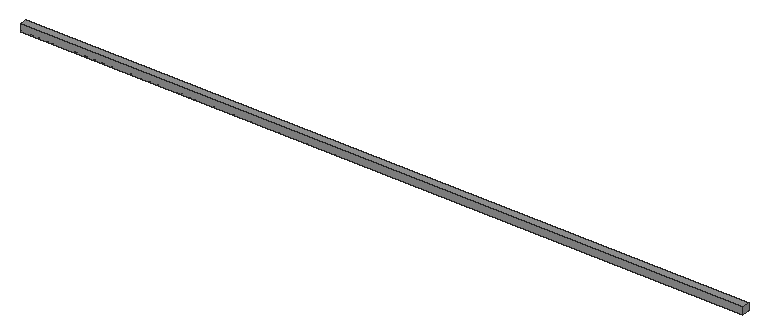
Revit family "PERFECT_2000MM", category Lighting Fixtures, host Ceiling, Revit 2021
Family settings
  Host = Ceiling
  Round Connector Dimension = Use Diameter
  Part Type = Normal
  OmniClass Number = 23.80.70.11
  OmniClass Title = Luminaries for Internal Lighting
  Always vertical = Yes
  Cut with Voids When Loaded = No
  Light Source = Yes
  Shared = No
  Room Calculation Point = No
Parameters (values of type "Type 1")
  Wattage = 20.1963 W
  built-in parameter 1150110 = 1 (stored number, unit not read)
  Type de lampe = "Ruban LED"
  Type = "Profilé saillie + capot diffusant"
  built-in parameter 1114217 = 1 (stored number, unit not read)
  built-in parameter 1150109 = 1 (stored number, unit not read)
  built-in parameter 1150134 = 9
  built-in parameter 1150113 = 1 (stored number, unit not read)
  Matériau = "Aluminium anodisé/Polycarbonate"
  Lumens = 3000 lm
  built-in parameter 1150115 = 1 (stored number, unit not read)
  built-in parameter 1150105 = 954.93 (stored number, unit not read)
  Light Source Symbol Size = 609.6 mm
  built-in parameter 1150137 = (empty or 0)
  built-in parameter 1150139 = (empty or 0)
  built-in parameter 1150112 = 1 (stored number, unit not read)
  built-in parameter 1150114 = 1 (stored number, unit not read)
  built-in parameter 1150132 = 2
  built-in parameter 1150102 = (empty or 0)
  built-in parameter 1150138 = (empty or 0)
  built-in parameter 1150107 = 3450 (stored number, unit not read)
  built-in parameter 1150106 = 9.5493 (stored number, unit not read)
  Fintion = "Gris aluminium"
  Emit from Line Length = 609.6 mm
  built-in parameter 1150104 = 13.8 (stored number, unit not read)
  Driver = "Driver externe"
  Dimming Lamp Color Temperature Shift = <None>
  Dimensions = "20,4x19,8 mm, L : 2000 mm"
  Diffuseur = "Polycarbonate satiné mat"
  Default Elevation = 0 mm
  Color Filter = 16777215
  built-in parameter 1114218 = 1 (stored number, unit not read)
  built-in parameter 1150133 = 10 (stored number, unit not read)
Reference planes
  plane 1 "Light Source Axis (F/B)": y = 0
  plane 2: z = 0
  plane 3 "Light Source Axis (L/R)": x = 0
  plane 4 "Ceiling": z = 4000
  plane 5 "Light Source Elevation": z = 3990.216
Forms (mm)
  Extrusion 1, solid, material "Aluminum, Anodized Grey"
    sketch origin (2.106, 0, 4000) x (0, 1, 0) y (-1, 0, 0)
      loop
        line (10.2, 998.947) -> (-10.2, 998.947) -> (-10.2, -1001.053) -> (10.2, -1001.053) -> (10.2, 998.947)
    from 0 to -19.8
  Extrusion 2, solid, material "Glass, White, High Luminance"
    sketch origin (3.16, 0, 4230.2) x (0, 1, 0) y (-1, 0, 0)
      loop
        line (10.2, 1000) -> (-10.2, 1000) -> (-10.2, -1000) -> (10.2, -1000) -> (10.2, 1000)
    from -250 to -248.771
Lines and regions (mm)
  reference lines
    curve 1: line (0, 0, 4000) -> (0, 10.2, 4000)
    curve 2: line (0, 0, 4000) -> (0, -10.2, 4000)
    curve 3: line (0, 0, 3750) -> (0, 0, 3769.8)
    curve 4: line (0, 0, 4000) -> (1000, 0, 4000)
    curve 5: line (0, 0, 4000) -> (-1000, 0, 4000)
    curve 6: line (0, 0, 4000) -> (0, 0, 3980.2)
Dimensions and locks
  equal spacing: host sketch curve, plane 3 "Light Source Axis (L/R)", host sketch curve
  equal spacing: host sketch curve, plane 1 "Light Source Axis (F/B)", host sketch curve
  host sketch curve to host sketch curve = 4000 mm  (x2)
  plane 4 "Ceiling" to host ceiling = 0 mm
  aligned and locked: plane 1 "Light Source Axis (F/B)" to imposter light
  aligned and locked: plane 5 "Light Source Elevation" to imposter light
